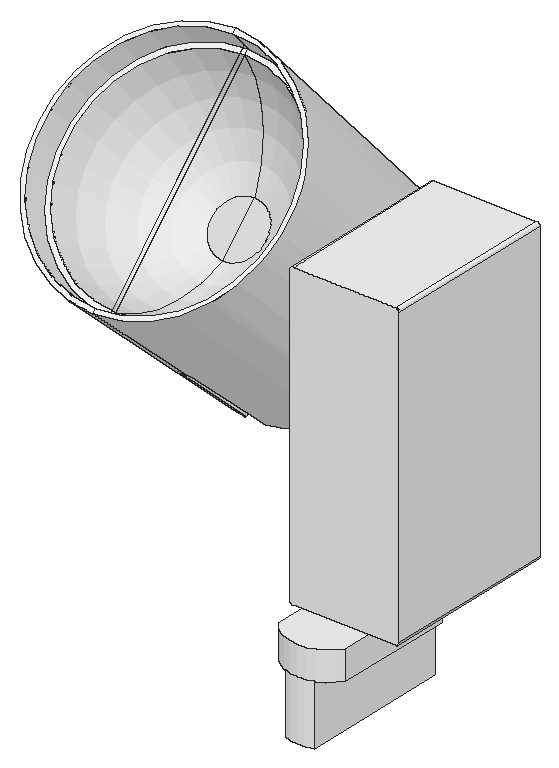
Revit family "0004877 Feilo Sylvania Lighting Fixture START TRACK SPOT L 35W 4K RA90 NB WHITE", category Lighting Fixtures, host Face, Revit 2017 (continued)
Definition of nested family "Start Track Spot Head"
  Types (96, lengths in mm): name | Wattage | built-in parameter 1150134 | Photometric Web File | Model | built-in parameter 1150105 | Lumens | built-in parameter 1150107 | built-in parameter 1150106 | HeadThickness_FEILO | HeadRibOffset_FEILO | HeadRibDepth_FEILO | HeadRibCutWidth_FEILO | HeadRibCutOffset_FEILO | HeadReflectorRadius_FEILO | HeadReflectorOffset_FEILO | HeadLEDRadius_FEILO | HeadHeight_FEILO | HeadDiffusorOffset_FEILO | HeadDiaOut_FEILO | HeadDiaIn_FEILO | HeadAxisFromTop_FEILO | Emit from Circle Diameter | built-in parameter 1150104 | Description | Apparent Load
    0004864 START TRACK SPOT S 24W 3K RA90 WB WHITE | 24 W | (empty or 0) | "0004864.ies" | "START TRACK SPOT S 24W 3K RA90 WB WHITE" | 152.79 (stored number, unit not read) | 1920 lm | 3000 (stored number, unit not read) | 1.5279 (stored number, unit not read) | 1.5 | 4.179 | 55.714 | 7.167 | 50.87 | 50.588 | 55.714 | 9.556 | 117 | 9.435 | 86 | 77.477 | 69.354 | 77.477 | 7.4322 (stored number, unit not read) | "Integrated LED spotlight, Textured White - RAL9016, compact and minimalist design, ideal for retail applications, die-cast aluminium body, passive cooling heatsink. Beam angle: 64°, color temperature: 3000K , total system power: 24W, total fixture output: 1928 lm, LOR: 100%, colour rendering: Ra: 90 typical, LED Chromaticity: 3 step MacAdam ellipse, lifetime: >50000 hours at L70B50, energy class: A++, A+, A, IR/UV free light source without heat radiation, operating voltage: 220-240V / 50-60Hz, drive current: 600mA, electronic driver, non-dimmable, power factor: 0.95, electrical protection: Class II, Global Track 3 Phase adapter suitable for Global trac 3-circuit tracks, ingress protection rating: IP20, suitable for internal environment only, horizontal rotation: 355°, vertical tilt: 90°, dimensions: Ø86x140x200, weight: 0.966kg." | 24 VA
    0004863 START TRACK SPOT S 24W 3K RA90 MB WHITE | 24 W | (empty or 0) | "0004863.ies" | "START TRACK SPOT S 24W 3K RA90 MB WHITE" | 154.7 (stored number, unit not read) | 1944 lm | 3000 (stored number, unit not read) | 1.547 (stored number, unit not read) | 1.5 | 4.179 | 55.714 | 7.167 | 50.87 | 50.588 | 55.714 | 9.556 | 117 | 9.435 | 86 | 77.477 | 69.354 | 77.477 | 7.5251 (stored number, unit not read) | "Integrated LED spotlight, Textured White - RAL9016, compact and minimalist design, ideal for retail applications, die-cast aluminium body, passive cooling heatsink. Beam angle: 36°, color temperature: 3000K , total system power: 24W, total fixture output: 1944 lm, LOR: 100%, colour rendering: Ra: 90 typical, LED Chromaticity: 3 step MacAdam ellipse, lifetime: >50000 hours at L70B50, energy class: A++, A+, A, IR/UV free light source without heat radiation, operating voltage: 220-240V / 50-60Hz, drive current: 600mA, electronic driver, non-dimmable, power factor: 0.95, electrical protection: Class II, Global Track 3 Phase adapter suitable for Global trac 3-circuit tracks, ingress protection rating: IP20, suitable for internal environment only, horizontal rotation: 355°, vertical tilt: 90°, dimensions: Ø86x140x200, weight: 0.966kg." | 24 VA
    0004862 START TRACK SPOT S 24W 3K RA90 NB WHITE | 24 W | (empty or 0) | "0004862.ies" | "START TRACK SPOT S 24W 3K RA90 NB WHITE" | 158.52 (stored number, unit not read) | 1992 lm | 3000 (stored number, unit not read) | 1.5852 (stored number, unit not read) | 1.5 | 4.179 | 55.714 | 7.167 | 50.87 | 50.588 | 55.714 | 9.556 | 117 | 9.435 | 86 | 77.477 | 69.354 | 77.477 | 7.711 (stored number, unit not read) | "Integrated LED spotlight, Textured White - RAL9016, compact and minimalist design, ideal for retail applications, die-cast aluminium body, passive cooling heatsink. Beam angle: 12°, color temperature: 3000K , total system power: 24W, total fixture output: 1987 lm, LOR: 100%, colour rendering: Ra: 90 typical, LED Chromaticity: 3 step MacAdam ellipse, lifetime: >50000 hours at L70B50, energy class: A++, A+, A, IR/UV free light source without heat radiation, operating voltage: 220-240V / 50-60Hz, drive current: 600mA, electronic driver, non-dimmable, power factor: 0.95, electrical protection: Class II, Global Track 3 Phase adapter suitable for Global trac 3-circuit tracks, ingress protection rating: IP20, suitable for internal environment only, horizontal rotation: 355°, vertical tilt: 90°, dimensions: Ø86x140x200, weight: 0.966kg." | 24 VA
    0004861 START TRACK SPOT S 14W 3K RA90 WB WHITE | 14 W | (empty or 0) | "0004861.ies" | "START TRACK SPOT S 14W 3K RA90 WB WHITE" | 100.27 (stored number, unit not read) | 1260 lm | 3000 (stored number, unit not read) | 1.0027 (stored number, unit not read) | 1.5 | 4.179 | 55.714 | 7.167 | 50.87 | 50.588 | 55.714 | 9.556 | 117 | 9.435 | 86 | 77.477 | 69.354 | 77.477 | 8.3613 (stored number, unit not read) | "Integrated LED spotlight, Textured White - RAL9016, compact and minimalist design, ideal for retail applications, die-cast aluminium body, passive cooling heatsink. Beam angle: 64°, color temperature: 3000K , total system power: 14W, total fixture output: 1262 lm, LOR: 100%, colour rendering: Ra: 90 typical, LED Chromaticity: 3 step MacAdam ellipse, lifetime: >50000 hours at L70B50, energy class: A++, A+, A, IR/UV free light source without heat radiation, operating voltage: 220-240V / 50-60Hz, drive current: 350mA, electronic driver, non-dimmable, power factor: 0.92, electrical protection: Class II, Global Track 3 Phase adapter suitable for Global trac 3-circuit tracks, ingress protection rating: IP20, suitable for internal environment only, horizontal rotation: 355°, vertical tilt: 90°, dimensions: Ø86x140x200, weight: 0.940kg." | 14 VA
    0004860 START TRACK SPOT S 14W 3K RA90 MB WHITE | 14 W | (empty or 0) | "0004860.ies" | "START TRACK SPOT S 14W 3K RA90 MB WHITE" | 100.27 (stored number, unit not read) | 1260 lm | 3000 (stored number, unit not read) | 1.0027 (stored number, unit not read) | 1.5 | 4.179 | 55.714 | 7.167 | 50.87 | 50.588 | 55.714 | 9.556 | 117 | 9.435 | 86 | 77.477 | 69.354 | 77.477 | 8.3613 (stored number, unit not read) | "Integrated LED spotlight, Textured White - RAL9016, compact and minimalist design, ideal for retail applications, die-cast aluminium body, passive cooling heatsink. Beam angle: 36°, color temperature: 3000K , total system power: 14W, total fixture output: 1262 lm, LOR: 100%, colour rendering: Ra: 90 typical, LED Chromaticity: 3 step MacAdam ellipse, lifetime: >50000 hours at L70B50, energy class: A++, A+, A, IR/UV free light source without heat radiation, operating voltage: 220-240V / 50-60Hz, drive current: 350mA, electronic driver, non-dimmable, power factor: 0.92, electrical protection: Class II, Global Track 3 Phase adapter suitable for Global trac 3-circuit tracks, ingress protection rating: IP20, suitable for internal environment only, horizontal rotation: 355°, vertical tilt: 90°, dimensions: Ø86x140x200, weight: 0.940kg." | 14 VA
    0004859 START TRACK SPOT S 14W 3K RA90 NB WHITE | 14 W | (empty or 0) | "0004859.ies" | "START TRACK SPOT S 14W 3K RA90 NB WHITE" | 102.5 (stored number, unit not read) | 1288 lm | 3000 (stored number, unit not read) | 1.025 (stored number, unit not read) | 1.5 | 4.179 | 55.714 | 7.167 | 50.87 | 50.588 | 55.714 | 9.556 | 117 | 9.435 | 86 | 77.477 | 69.354 | 77.477 | 8.5471 (stored number, unit not read) | "Integrated LED spotlight, Textured White - RAL9016, compact and minimalist design, ideal for retail applications, die-cast aluminium body, passive cooling heatsink. Beam angle: 12°, color temperature: 3000K , total system power: 14W, total fixture output: 1284 lm, LOR: 100%, colour rendering: Ra: 90 typical, LED Chromaticity: 3 step MacAdam ellipse, lifetime: >50000 hours at L70B50, energy class: A++, A+, A, IR/UV free light source without heat radiation, operating voltage: 220-240V / 50-60Hz, drive current: 350mA, electronic driver, non-dimmable, power factor: 0.92, electrical protection: Class II, Global Track 3 Phase adapter suitable for Global trac 3-circuit tracks, ingress protection rating: IP20, suitable for internal environment only, horizontal rotation: 355°, vertical tilt: 90°, dimensions: Ø86x140x200, weight: 0.940kg." | 14 VA
    0004858 START TRACK SPOT L 55W 4K RA80 WB BLACK | 55 W | 12 | "0004858.ies" | "START TRACK SPOT L 55W 4K RA80 WB BLACK" | 424.55 (stored number, unit not read) | 5335 lm | 4000 (stored number, unit not read) | 4.2455 (stored number, unit not read) | 2 | 4.429 | 59.048 | 9.417 | 53.913 | 66.471 | 59.048 | 12.556 | 124 | 10 | 113 | 101.802 | 73.503 | 101.802 | 9.0116 (stored number, unit not read) | "Integrated LED spotlight, Textured Black - RAL9005, compact and minimalist design, ideal for retail applications, die-cast aluminium body, passive cooling heatsink. Beam angle: 52°, color temperature: 4000K , total system power: 55W, total fixture output: 5320 lm, LOR: 100%, colour rendering: Ra: 80 typical, LED Chromaticity: 3 step MacAdam ellipse, lifetime: >50000 hours at L70B50, energy class: A++, A+, A, IR/UV free light source without heat radiation, operating voltage: 220-240V / 50-60Hz, drive current: 1400mA, electronic driver, non-dimmable, power factor: 0.96, electrical protection: Class II, Global Track 3 Phase adapter suitable for Global trac 3-circuit tracks, ingress protection rating: IP20, suitable for internal environment only, horizontal rotation: 355°, vertical tilt: 90°, dimensions: Ø113x164x240, weight: 1.398kg." | 55 VA
    0004857 START TRACK SPOT L 55W 4K RA80 MB BLACK | 55 W | 12 | "0004857.ies" | "START TRACK SPOT L 55W 4K RA80 MB BLACK" | 428.92 (stored number, unit not read) | 5390 lm | 4000 (stored number, unit not read) | 4.2892 (stored number, unit not read) | 2 | 4.429 | 59.048 | 9.417 | 53.913 | 66.471 | 59.048 | 12.556 | 124 | 10 | 113 | 101.802 | 73.503 | 101.802 | 9.1045 (stored number, unit not read) | "Integrated LED spotlight, Textured Black - RAL9005, compact and minimalist design, ideal for retail applications, die-cast aluminium body, passive cooling heatsink. Beam angle: 38°, color temperature: 4000K , total system power: 55W, total fixture output: 5378 lm, LOR: 100%, colour rendering: Ra: 80 typical, LED Chromaticity: 3 step MacAdam ellipse, lifetime: >50000 hours at L70B50, energy class: A++, A+, A, IR/UV free light source without heat radiation, operating voltage: 220-240V / 50-60Hz, drive current: 1400mA, electronic driver, non-dimmable, power factor: 0.96, electrical protection: Class II, Global Track 3 Phase adapter suitable for Global trac 3-circuit tracks, ingress protection rating: IP20, suitable for internal environment only, horizontal rotation: 355°, vertical tilt: 90°, dimensions: Ø113x164x240, weight: 1.398kg." | 55 VA
    0004856 START TRACK SPOT L 55W 4K RA80 NB BLACK | 55 W | 12 | "0004856.ies" | "START TRACK SPOT L 55W 4K RA80 NB BLACK" | 433.3 (stored number, unit not read) | 5445 lm | 4000 (stored number, unit not read) | 4.333 (stored number, unit not read) | 2 | 4.429 | 59.048 | 9.417 | 53.913 | 66.471 | 59.048 | 12.556 | 124 | 10 | 113 | 101.802 | 73.503 | 101.802 | 9.1974 (stored number, unit not read) | "Integrated LED spotlight, Textured Black - RAL9005, compact and minimalist design, ideal for retail applications, die-cast aluminium body, passive cooling heatsink. Beam angle: 15°, color temperature: 4000K , total system power: 55W, total fixture output: 5426 lm, LOR: 100%, colour rendering: Ra: 80 typical, LED Chromaticity: 3 step MacAdam ellipse, lifetime: >50000 hours at L70B50, energy class: A++, A+, A, IR/UV free light source without heat radiation, operating voltage: 220-240V / 50-60Hz, drive current: 1400mA, electronic driver, non-dimmable, power factor: 0.96, electrical protection: Class II, Global Track 3 Phase adapter suitable for Global trac 3-circuit tracks, ingress protection rating: IP20, suitable for internal environment only, horizontal rotation: 355°, vertical tilt: 90°, dimensions: Ø113x164x240, weight: 1.398kg." | 55 VA
    0004855 START TRACK SPOT L 35W 4K RA80 WB BLACK | 35 W | 12 | "0004855.ies" | "START TRACK SPOT L 35W 4K RA80 WB BLACK" | 320.3 (stored number, unit not read) | 4025 lm | 4000 (stored number, unit not read) | 3.203 (stored number, unit not read) | 2 | 4.429 | 59.048 | 9.417 | 53.913 | 66.471 | 59.048 | 12.556 | 124 | 10 | 113 | 101.802 | 73.503 | 101.802 | 10.684 (stored number, unit not read) | "Integrated LED spotlight, Textured Black - RAL9005, compact and minimalist design, ideal for retail applications, die-cast aluminium body, passive cooling heatsink. Beam angle: 52°, color temperature: 4000K , total system power: 35W, total fixture output: 4010 lm, LOR: 100%, colour rendering: Ra: 80 typical, LED Chromaticity: 3 step MacAdam ellipse, lifetime: >50000 hours at L70B50, energy class: A++, A+, A, IR/UV free light source without heat radiation, operating voltage: 220-240V / 50-60Hz, drive current: 900mA, electronic driver, non-dimmable, power factor: 0.93, electrical protection: Class II, Global Track 3 Phase adapter suitable for Global trac 3-circuit tracks, ingress protection rating: IP20, suitable for internal environment only, horizontal rotation: 355°, vertical tilt: 90°, dimensions: Ø113x164x240, weight: 1.368kg." | 35 VA
    0004854 START TRACK SPOT L 35W 4K RA80 MB BLACK | 35 W | 12 | "0004854.ies" | "START TRACK SPOT L 35W 4K RA80 MB BLACK" | 320.3 (stored number, unit not read) | 4025 lm | 4000 (stored number, unit not read) | 3.203 (stored number, unit not read) | 2 | 4.429 | 59.048 | 9.417 | 53.913 | 66.471 | 59.048 | 12.556 | 124 | 10 | 113 | 101.802 | 73.503 | 101.802 | 10.684 (stored number, unit not read) | "Integrated LED spotlight, Textured Black - RAL9005, compact and minimalist design, ideal for retail applications, die-cast aluminium body, passive cooling heatsink. Beam angle: 38°, color temperature: 4000K , total system power: 35W, total fixture output: 4017 lm, LOR: 100%, colour rendering: Ra: 80 typical, LED Chromaticity: 3 step MacAdam ellipse, lifetime: >50000 hours at L70B50, energy class: A++, A+, A, IR/UV free light source without heat radiation, operating voltage: 220-240V / 50-60Hz, drive current: 900mA, electronic driver, non-dimmable, power factor: 0.93, electrical protection: Class II, Global Track 3 Phase adapter suitable for Global trac 3-circuit tracks, ingress protection rating: IP20, suitable for internal environment only, horizontal rotation: 355°, vertical tilt: 90°, dimensions: Ø113x164x240, weight: 1.368kg." | 35 VA
    0004853 START TRACK SPOT L 35W 4K RA80 NB BLACK | 35 W | 12 | "0004853.ies" | "START TRACK SPOT L 35W 4K RA80 NB BLACK" | 331.44 (stored number, unit not read) | 4165 lm | 4000 (stored number, unit not read) | 3.3144 (stored number, unit not read) | 2 | 4.429 | 59.048 | 9.417 | 53.913 | 66.471 | 59.048 | 12.556 | 124 | 10 | 113 | 101.802 | 73.503 | 101.802 | 11.055 (stored number, unit not read) | "Integrated LED spotlight, Textured Black - RAL9005, compact and minimalist design, ideal for retail applications, die-cast aluminium body, passive cooling heatsink. Beam angle: 15°, color temperature: 4000K , total system power: 35W, total fixture output: 4174 lm, LOR: 100%, colour rendering: Ra: 80 typical, LED Chromaticity: 3 step MacAdam ellipse, lifetime: >50000 hours at L70B50, energy class: A++, A+, A, IR/UV free light source without heat radiation, operating voltage: 220-240V / 50-60Hz, drive current: 900mA, electronic driver, non-dimmable, power factor: 0.93, electrical protection: Class II, Global Track 3 Phase adapter suitable for Global trac 3-circuit tracks, ingress protection rating: IP20, suitable for internal environment only, horizontal rotation: 355°, vertical tilt: 90°, dimensions: Ø113x164x240, weight: 1.368kg." | 35 VA
    0004852 START TRACK SPOT S 24W 4K RA80 WB BLACK | 24 W | 12 | "0004852.ies" | "START TRACK SPOT S 24W 4K RA80 WB BLACK" | 196.72 (stored number, unit not read) | 2472 lm | 4000 (stored number, unit not read) | 1.9672 (stored number, unit not read) | 1.5 | 4.179 | 55.714 | 7.167 | 50.87 | 50.588 | 55.714 | 9.556 | 117 | 9.435 | 86 | 77.477 | 69.354 | 77.477 | 9.569 (stored number, unit not read) | "Integrated LED spotlight, Textured Black - RAL9005, compact and minimalist design, ideal for retail applications, die-cast aluminium body, passive cooling heatsink. Beam angle: 64°, color temperature: 4000K , total system power: 24W, total fixture output: 2476 lm, LOR: 100%, colour rendering: Ra: 80 typical, LED Chromaticity: 3 step MacAdam ellipse, lifetime: >50000 hours at L70B50, energy class: A++, A+, A, IR/UV free light source without heat radiation, operating voltage: 220-240V / 50-60Hz, drive current: 600mA, electronic driver, non-dimmable, power factor: 0.95, electrical protection: Class II, Global Track 3 Phase adapter suitable for Global trac 3-circuit tracks, ingress protection rating: IP20, suitable for internal environment only, horizontal rotation: 355°, vertical tilt: 90°, dimensions: Ø86x140x200, weight: 0.966kg." | 24 VA
    0004851 START TRACK SPOT S 24W 4K RA80 MB BLACK | 24 W | 12 | "0004851.ies" | "START TRACK SPOT S 24W 4K RA80 MB BLACK" | 198.63 (stored number, unit not read) | 2496 lm | 4000 (stored number, unit not read) | 1.9863 (stored number, unit not read) | 1.5 | 4.179 | 55.714 | 7.167 | 50.87 | 50.588 | 55.714 | 9.556 | 117 | 9.435 | 86 | 77.477 | 69.354 | 77.477 | 9.6619 (stored number, unit not read) | "Integrated LED spotlight, Textured Black - RAL9005, compact and minimalist design, ideal for retail applications, die-cast aluminium body, passive cooling heatsink. Beam angle: 36°, color temperature: 4000K , total system power: 24W, total fixture output: 2487 lm, LOR: 100%, colour rendering: Ra: 80 typical, LED Chromaticity: 3 step MacAdam ellipse, lifetime: >50000 hours at L70B50, energy class: A++, A+, A, IR/UV free light source without heat radiation, operating voltage: 220-240V / 50-60Hz, drive current: 600mA, electronic driver, non-dimmable, power factor: 0.95, electrical protection: Class II, Global Track 3 Phase adapter suitable for Global trac 3-circuit tracks, ingress protection rating: IP20, suitable for internal environment only, horizontal rotation: 355°, vertical tilt: 90°, dimensions: Ø86x140x200, weight: 0.966kg." | 24 VA
    0004850 START TRACK SPOT S 24W 4K RA80 NB BLACK | 24 W | 12 | "0004850.ies" | "START TRACK SPOT S 24W 4K RA80 NB BLACK" | 200.54 (stored number, unit not read) | 2520 lm | 4000 (stored number, unit not read) | 2.0054 (stored number, unit not read) | 1.5 | 4.179 | 55.714 | 7.167 | 50.87 | 50.588 | 55.714 | 9.556 | 117 | 9.435 | 86 | 77.477 | 69.354 | 77.477 | 9.7548 (stored number, unit not read) | "Integrated LED spotlight, Textured Black - RAL9005, compact and minimalist design, ideal for retail applications, die-cast aluminium body, passive cooling heatsink. Beam angle: 12°, color temperature: 4000K , total system power: 24W, total fixture output: 2529 lm, LOR: 100%, colour rendering: Ra: 80 typical, LED Chromaticity: 3 step MacAdam ellipse, lifetime: >50000 hours at L70B50, energy class: A++, A+, A, IR/UV free light source without heat radiation, operating voltage: 220-240V / 50-60Hz, drive current: 600mA, electronic driver, non-dimmable, power factor: 0.95, electrical protection: Class II, Global Track 3 Phase adapter suitable for Global trac 3-circuit tracks, ingress protection rating: IP20, suitable for internal environment only, horizontal rotation: 355°, vertical tilt: 90°, dimensions: Ø86x140x200, weight: 0.966kg." | 24 VA
    0004849 START TRACK SPOT S 14W 4K RA80 WB BLACK | 14 W | 12 | "0004849.ies" | "START TRACK SPOT S 14W 4K RA80 WB BLACK" | 123.66 (stored number, unit not read) | 1554 lm | 4000 (stored number, unit not read) | 1.2366 (stored number, unit not read) | 1.5 | 4.179 | 55.714 | 7.167 | 50.87 | 50.588 | 55.714 | 9.556 | 117 | 9.435 | 86 | 77.477 | 69.354 | 77.477 | 10.312 (stored number, unit not read) | "Integrated LED spotlight, Textured Black - RAL9005, compact and minimalist design, ideal for retail applications, die-cast aluminium body, passive cooling heatsink. Beam angle: 64°, color temperature: 4000K , total system power: 14W, total fixture output: 1558 lm, LOR: 100%, colour rendering: Ra: 80 typical, LED Chromaticity: 3 step MacAdam ellipse, lifetime: >50000 hours at L70B50, energy class: A++, A+, A, IR/UV free light source without heat radiation, operating voltage: 220-240V / 50-60Hz, drive current: 350mA, electronic driver, non-dimmable, power factor: 0.92, electrical protection: Class II, Global Track 3 Phase adapter suitable for Global trac 3-circuit tracks, ingress protection rating: IP20, suitable for internal environment only, horizontal rotation: 355°, vertical tilt: 90°, dimensions: Ø86x140x200, weight: 0.940kg." | 14 VA
    0004848 START TRACK SPOT S 14W 4K RA80 MB BLACK | 14 W | 12 | "0004848.ies" | "START TRACK SPOT S 14W 4K RA80 MB BLACK" | 127.01 (stored number, unit not read) | 1596 lm | 4000 (stored number, unit not read) | 1.2701 (stored number, unit not read) | 1.5 | 4.179 | 55.714 | 7.167 | 50.87 | 50.588 | 55.714 | 9.556 | 117 | 9.435 | 86 | 77.477 | 69.354 | 77.477 | 10.591 (stored number, unit not read) | "Integrated LED spotlight, Textured Black - RAL9005, compact and minimalist design, ideal for retail applications, die-cast aluminium body, passive cooling heatsink. Beam angle: 36°, color temperature: 4000K , total system power: 14W, total fixture output: 1598 lm, LOR: 100%, colour rendering: Ra: 80 typical, LED Chromaticity: 3 step MacAdam ellipse, lifetime: >50000 hours at L70B50, energy class: A++, A+, A, IR/UV free light source without heat radiation, operating voltage: 220-240V / 50-60Hz, drive current: 350mA, electronic driver, non-dimmable, power factor: 0.92, electrical protection: Class II, Global Track 3 Phase adapter suitable for Global trac 3-circuit tracks, ingress protection rating: IP20, suitable for internal environment only, horizontal rotation: 355°, vertical tilt: 90°, dimensions: Ø86x140x200, weight: 0.940kg." | 14 VA
    0004847 START TRACK SPOT S 14W 4K RA80 NB BLACK | 14 W | 12 | "0004847.ies" | "START TRACK SPOT S 14W 4K RA80 NB BLACK" | 128.12 (stored number, unit not read) | 1610 lm | 4000 (stored number, unit not read) | 1.2812 (stored number, unit not read) | 1.5 | 4.179 | 55.714 | 7.167 | 50.87 | 50.588 | 55.714 | 9.556 | 117 | 9.435 | 86 | 77.477 | 69.354 | 77.477 | 10.684 (stored number, unit not read) | "Integrated LED spotlight, Textured Black - RAL9005, compact and minimalist design, ideal for retail applications, die-cast aluminium body, passive cooling heatsink. Beam angle: 12°, color temperature: 4000K , total system power: 14W, total fixture output: 1608 lm, LOR: 100%, colour rendering: Ra: 80 typical, LED Chromaticity: 3 step MacAdam ellipse, lifetime: >50000 hours at L70B50, energy class: A++, A+, A, IR/UV free light source without heat radiation, operating voltage: 220-240V / 50-60Hz, drive current: 350mA, electronic driver, non-dimmable, power factor: 0.92, electrical protection: Class II, Global Track 3 Phase adapter suitable for Global trac 3-circuit tracks, ingress protection rating: IP20, suitable for internal environment only, horizontal rotation: 355°, vertical tilt: 90°, dimensions: Ø86x140x200, weight: 0.940kg." | 14 VA
    0004846 START TRACK SPOT L 55W 3K RA80 WB BLACK | 55 W | (empty or 0) | "0004846.ies" | "START TRACK SPOT L 55W 3K RA80 WB BLACK" | 420.17 (stored number, unit not read) | 5280 lm | 3000 (stored number, unit not read) | 4.2017 (stored number, unit not read) | 2 | 4.429 | 59.048 | 9.417 | 53.913 | 66.471 | 59.048 | 12.556 | 124 | 10 | 113 | 101.802 | 73.503 | 101.802 | 8.9187 (stored number, unit not read) | "Integrated LED spotlight, Textured Black - RAL9005, compact and minimalist design, ideal for retail applications, die-cast aluminium body, passive cooling heatsink. Beam angle: 52°, color temperature: 3000K , total system power: 55W, total fixture output: 5298 lm, LOR: 100%, colour rendering: Ra: 80 typical, LED Chromaticity: 3 step MacAdam ellipse, lifetime: >50000 hours at L70B50, energy class: A++, A+, A, IR/UV free light source without heat radiation, operating voltage: 220-240V / 50-60Hz, drive current: 1400mA, electronic driver, non-dimmable, power factor: 0.96, electrical protection: Class II, Global Track 3 Phase adapter suitable for Global trac 3-circuit tracks, ingress protection rating: IP20, suitable for internal environment only, horizontal rotation: 355°, vertical tilt: 90°, dimensions: Ø113x164x240, weight: 1.398kg." | 55 VA
    0004845 START TRACK SPOT L 55W 3K RA80 MB BLACK | 55 W | (empty or 0) | "0004845.ies" | "START TRACK SPOT L 55W 3K RA80 MB BLACK" | 428.92 (stored number, unit not read) | 5390 lm | 3000 (stored number, unit not read) | 4.2892 (stored number, unit not read) | 2 | 4.429 | 59.048 | 9.417 | 53.913 | 66.471 | 59.048 | 12.556 | 124 | 10 | 113 | 101.802 | 73.503 | 101.802 | 9.1045 (stored number, unit not read) | "Integrated LED spotlight, Textured Black - RAL9005, compact and minimalist design, ideal for retail applications, die-cast aluminium body, passive cooling heatsink. Beam angle: 38°, color temperature: 3000K , total system power: 55W, total fixture output: 5381 lm, LOR: 100%, colour rendering: Ra: 80 typical, LED Chromaticity: 3 step MacAdam ellipse, lifetime: >50000 hours at L70B50, energy class: A++, A+, A, IR/UV free light source without heat radiation, operating voltage: 220-240V / 50-60Hz, drive current: 1400mA, electronic driver, non-dimmable, power factor: 0.96, electrical protection: Class II, Global Track 3 Phase adapter suitable for Global trac 3-circuit tracks, ingress protection rating: IP20, suitable for internal environment only, horizontal rotation: 355°, vertical tilt: 90°, dimensions: Ø113x164x240, weight: 1.398kg." | 55 VA
    0004844 START TRACK SPOT L 55W 3K RA80 NB BLACK | 55 W | (empty or 0) | "0004844.ies" | "START TRACK SPOT L 55W 3K RA80 NB BLACK" | 433.3 (stored number, unit not read) | 5445 lm | 3000 (stored number, unit not read) | 4.333 (stored number, unit not read) | 2 | 4.429 | 59.048 | 9.417 | 53.913 | 66.471 | 59.048 | 12.556 | 124 | 10 | 113 | 101.802 | 73.503 | 101.802 | 9.1974 (stored number, unit not read) | "Integrated LED spotlight, Textured Black - RAL9005, compact and minimalist design, ideal for retail applications, die-cast aluminium body, passive cooling heatsink. Beam angle: 15°, color temperature: 3000K , total system power: 55W, total fixture output: 5449 lm, LOR: 100%, colour rendering: Ra: 80 typical, LED Chromaticity: 3 step MacAdam ellipse, lifetime: >50000 hours at L70B50, energy class: A++, A+, A, IR/UV free light source without heat radiation, operating voltage: 220-240V / 50-60Hz, drive current: 1400mA, electronic driver, non-dimmable, power factor: 0.96, electrical protection: Class II, Global Track 3 Phase adapter suitable for Global trac 3-circuit tracks, ingress protection rating: IP20, suitable for internal environment only, horizontal rotation: 355°, vertical tilt: 90°, dimensions: Ø113x164x240, weight: 1.398kg." | 55 VA
    0004843 START TRACK SPOT L 35W 3K RA80 WB BLACK | 35 W | (empty or 0) | "0004843.ies" | "START TRACK SPOT L 35W 3K RA80 WB BLACK" | 314.73 (stored number, unit not read) | 3955 lm | 3000 (stored number, unit not read) | 3.1473 (stored number, unit not read) | 2 | 4.429 | 59.048 | 9.417 | 53.913 | 66.471 | 59.048 | 12.556 | 124 | 10 | 113 | 101.802 | 73.503 | 101.802 | 10.498 (stored number, unit not read) | "Integrated LED spotlight, Textured Black - RAL9005, compact and minimalist design, ideal for retail applications, die-cast aluminium body, passive cooling heatsink. Beam angle: 52°, color temperature: 3000K , total system power: 35W, total fixture output: 3943 lm, LOR: 100%, colour rendering: Ra: 80 typical, LED Chromaticity: 3 step MacAdam ellipse, lifetime: >50000 hours at L70B50, energy class: A++, A+, A, IR/UV free light source without heat radiation, operating voltage: 220-240V / 50-60Hz, drive current: 900mA, electronic driver, non-dimmable, power factor: 0.93, electrical protection: Class II, Global Track 3 Phase adapter suitable for Global trac 3-circuit tracks, ingress protection rating: IP20, suitable for internal environment only, horizontal rotation: 355°, vertical tilt: 90°, dimensions: Ø113x164x240, weight: 1.368kg." | 35 VA
    0004842 START TRACK SPOT L 35W 3K RA80 MB BLACK | 35 W | (empty or 0) | "0004842.ies" | "START TRACK SPOT L 35W 3K RA80 MB BLACK" | 320.3 (stored number, unit not read) | 4025 lm | 3000 (stored number, unit not read) | 3.203 (stored number, unit not read) | 2 | 4.429 | 59.048 | 9.417 | 53.913 | 66.471 | 59.048 | 12.556 | 124 | 10 | 113 | 101.802 | 73.503 | 101.802 | 10.684 (stored number, unit not read) | "Integrated LED spotlight, Textured Black - RAL9005, compact and minimalist design, ideal for retail applications, die-cast aluminium body, passive cooling heatsink. Beam angle: 38°, color temperature: 3000K , total system power: 35W, total fixture output: 4008 lm, LOR: 100%, colour rendering: Ra: 80 typical, LED Chromaticity: 3 step MacAdam ellipse, lifetime: >50000 hours at L70B50, energy class: A++, A+, A, IR/UV free light source without heat radiation, operating voltage: 220-240V / 50-60Hz, drive current: 900mA, electronic driver, non-dimmable, power factor: 0.93, electrical protection: Class II, Global Track 3 Phase adapter suitable for Global trac 3-circuit tracks, ingress protection rating: IP20, suitable for internal environment only, horizontal rotation: 355°, vertical tilt: 90°, dimensions: Ø113x164x240, weight: 1.368kg." | 35 VA
    0004841 START TRACK SPOT L 35W 3K RA80 NB BLACK | 35 W | (empty or 0) | "0004841.ies" | "START TRACK SPOT L 35W 3K RA80 NB BLACK" | 317.51 (stored number, unit not read) | 3990 lm | 3000 (stored number, unit not read) | 3.1751 (stored number, unit not read) | 2 | 4.429 | 59.048 | 9.417 | 53.913 | 66.471 | 59.048 | 12.556 | 124 | 10 | 113 | 101.802 | 73.503 | 101.802 | 10.591 (stored number, unit not read) | "Integrated LED spotlight, Textured Black - RAL9005, compact and minimalist design, ideal for retail applications, die-cast aluminium body, passive cooling heatsink. Beam angle: 15°, color temperature: 3000K , total system power: 35W, total fixture output: 4005 lm, LOR: 100%, colour rendering: Ra: 80 typical, LED Chromaticity: 3 step MacAdam ellipse, lifetime: >50000 hours at L70B50, energy class: A++, A+, A, IR/UV free light source without heat radiation, operating voltage: 220-240V / 50-60Hz, drive current: 900mA, electronic driver, non-dimmable, power factor: 0.93, electrical protection: Class II, Global Track 3 Phase adapter suitable for Global trac 3-circuit tracks, ingress protection rating: IP20, suitable for internal environment only, horizontal rotation: 355°, vertical tilt: 90°, dimensions: Ø113x164x240, weight: 1.368kg." | 35 VA
    0004840 START TRACK SPOT S 24W 3K RA80 WB BLACK | 24 W | (empty or 0) | "0004840.ies" | "START TRACK SPOT S 24W 3K RA80 WB BLACK" | 185.26 (stored number, unit not read) | 2328 lm | 3000 (stored number, unit not read) | 1.8526 (stored number, unit not read) | 1.5 | 4.179 | 55.714 | 7.167 | 50.87 | 50.588 | 55.714 | 9.556 | 117 | 9.435 | 86 | 77.477 | 69.354 | 77.477 | 9.0116 (stored number, unit not read) | "Integrated LED spotlight, Textured Black - RAL9005, compact and minimalist design, ideal for retail applications, die-cast aluminium body, passive cooling heatsink. Beam angle: 64°, color temperature: 3000K , total system power: 24W, total fixture output: 2318 lm, LOR: 100%, colour rendering: Ra: 80 typical, LED Chromaticity: 3 step MacAdam ellipse, lifetime: >50000 hours at L70B50, energy class: A++, A+, A, IR/UV free light source without heat radiation, operating voltage: 220-240V / 50-60Hz, drive current: 600mA, electronic driver, non-dimmable, power factor: 0.95, electrical protection: Class II, Global Track 3 Phase adapter suitable for Global trac 3-circuit tracks, ingress protection rating: IP20, suitable for internal environment only, horizontal rotation: 355°, vertical tilt: 90°, dimensions: Ø86x140x200, weight: 0.966kg." | 24 VA
    0004839 START TRACK SPOT S 24W 3K RA80 MB BLACK | 24 W | (empty or 0) | "0004839.ies" | "START TRACK SPOT S 24W 3K RA80 MB BLACK" | 183.35 (stored number, unit not read) | 2304 lm | 3000 (stored number, unit not read) | 1.8335 (stored number, unit not read) | 1.5 | 4.179 | 55.714 | 7.167 | 50.87 | 50.588 | 55.714 | 9.556 | 117 | 9.435 | 86 | 77.477 | 69.354 | 77.477 | 8.9187 (stored number, unit not read) | "Integrated LED spotlight, Textured Black - RAL9005, compact and minimalist design, ideal for retail applications, die-cast aluminium body, passive cooling heatsink. Beam angle: 36°, color temperature: 3000K , total system power: 24W, total fixture output: 2314 lm, LOR: 100%, colour rendering: Ra: 80 typical, LED Chromaticity: 3 step MacAdam ellipse, lifetime: >50000 hours at L70B50, energy class: A++, A+, A, IR/UV free light source without heat radiation, operating voltage: 220-240V / 50-60Hz, drive current: 600mA, electronic driver, non-dimmable, power factor: 0.95, electrical protection: Class II, Global Track 3 Phase adapter suitable for Global trac 3-circuit tracks, ingress protection rating: IP20, suitable for internal environment only, horizontal rotation: 355°, vertical tilt: 90°, dimensions: Ø86x140x200, weight: 0.966kg." | 24 VA
    0004838 START TRACK SPOT S 24W 3K RA80 NB BLACK | 24 W | (empty or 0) | "0004838.ies" | "START TRACK SPOT S 24W 3K RA80 NB BLACK" | 185.26 (stored number, unit not read) | 2328 lm | 3000 (stored number, unit not read) | 1.8526 (stored number, unit not read) | 1.5 | 4.179 | 55.714 | 7.167 | 50.87 | 50.588 | 55.714 | 9.556 | 117 | 9.435 | 86 | 77.477 | 69.354 | 77.477 | 9.0116 (stored number, unit not read) | "Integrated LED spotlight, Textured Black - RAL9005, compact and minimalist design, ideal for retail applications, die-cast aluminium body, passive cooling heatsink. Beam angle: 12°, color temperature: 3000K , total system power: 24W, total fixture output: 2334 lm, LOR: 100%, colour rendering: Ra: 80 typical, LED Chromaticity: 3 step MacAdam ellipse, lifetime: >50000 hours at L70B50, energy class: A++, A+, A, IR/UV free light source without heat radiation, operating voltage: 220-240V / 50-60Hz, drive current: 600mA, electronic driver, non-dimmable, power factor: 0.95, electrical protection: Class II, Global Track 3 Phase adapter suitable for Global trac 3-circuit tracks, ingress protection rating: IP20, suitable for internal environment only, horizontal rotation: 355°, vertical tilt: 90°, dimensions: Ø86x140x200, weight: 0.966kg." | 24 VA
    0004837 START TRACK SPOT S 14W 3K RA80 WB BLACK | 14 W | (empty or 0) | "0004837.ies" | "START TRACK SPOT S 14W 3K RA80 WB BLACK" | 119.21 (stored number, unit not read) | 1498 lm | 3000 (stored number, unit not read) | 1.1921 (stored number, unit not read) | 1.5 | 4.179 | 55.714 | 7.167 | 50.87 | 50.588 | 55.714 | 9.556 | 117 | 9.435 | 86 | 77.477 | 69.354 | 77.477 | 9.9406 (stored number, unit not read) | "Integrated LED spotlight, Textured Black - RAL9005, compact and minimalist design, ideal for retail applications, die-cast aluminium body, passive cooling heatsink. Beam angle: 64°, color temperature: 3000K , total system power: 14W, total fixture output: 1498 lm, LOR: 100%, colour rendering: Ra: 80 typical, LED Chromaticity: 3 step MacAdam ellipse, lifetime: >50000 hours at L70B50, energy class: A++, A+, A, IR/UV free light source without heat radiation, operating voltage: 220-240V / 50-60Hz, drive current: 350mA, electronic driver, non-dimmable, power factor: 0.92, electrical protection: Class II, Global Track 3 Phase adapter suitable for Global trac 3-circuit tracks, ingress protection rating: IP20, suitable for internal environment only, horizontal rotation: 355°, vertical tilt: 90°, dimensions: Ø86x140x200, weight: 0.940kg." | 14 VA
    0004836 START TRACK SPOT S 14W 3K RA80 MB BLACK | 14 W | (empty or 0) | "0004836.ies" | "START TRACK SPOT S 14W 3K RA80 MB BLACK" | 120.32 (stored number, unit not read) | 1512 lm | 3000 (stored number, unit not read) | 1.2032 (stored number, unit not read) | 1.5 | 4.179 | 55.714 | 7.167 | 50.87 | 50.588 | 55.714 | 9.556 | 117 | 9.435 | 86 | 77.477 | 69.354 | 77.477 | 10.034 (stored number, unit not read) | "Integrated LED spotlight, Textured Black - RAL9005, compact and minimalist design, ideal for retail applications, die-cast aluminium body, passive cooling heatsink. Beam angle: 36°, color temperature: 3000K , total system power: 14W, total fixture output: 1508 lm, LOR: 100%, colour rendering: Ra: 80 typical, LED Chromaticity: 3 step MacAdam ellipse, lifetime: >50000 hours at L70B50, energy class: A++, A+, A, IR/UV free light source without heat radiation, operating voltage: 220-240V / 50-60Hz, drive current: 350mA, electronic driver, non-dimmable, power factor: 0.92, electrical protection: Class II, Global Track 3 Phase adapter suitable for Global trac 3-circuit tracks, ingress protection rating: IP20, suitable for internal environment only, horizontal rotation: 355°, vertical tilt: 90°, dimensions: Ø86x140x200, weight: 0.940kg." | 14 VA
    0004835 START TRACK SPOT S 14W 3K RA80 NB BLACK | 14 W | (empty or 0) | "0004835.ies" | "START TRACK SPOT S 14W 3K RA80 NB BLACK" | 123.66 (stored number, unit not read) | 1554 lm | 3000 (stored number, unit not read) | 1.2366 (stored number, unit not read) | 1.5 | 4.179 | 55.714 | 7.167 | 50.87 | 50.588 | 55.714 | 9.556 | 117 | 9.435 | 86 | 77.477 | 69.354 | 77.477 | 10.312 (stored number, unit not read) | "Integrated LED spotlight, Textured Black - RAL9005, compact and minimalist design, ideal for retail applications, die-cast aluminium body, passive cooling heatsink. Beam angle: 12°, color temperature: 3000K , total system power: 14W, total fixture output: 1551 lm, LOR: 100%, colour rendering: Ra: 80 typical, LED Chromaticity: 3 step MacAdam ellipse, lifetime: >50000 hours at L70B50, energy class: A++, A+, A, IR/UV free light source without heat radiation, operating voltage: 220-240V / 50-60Hz, drive current: 350mA, electronic driver, non-dimmable, power factor: 0.92, electrical protection: Class II, Global Track 3 Phase adapter suitable for Global trac 3-circuit tracks, ingress protection rating: IP20, suitable for internal environment only, horizontal rotation: 355°, vertical tilt: 90°, dimensions: Ø86x140x200, weight: 0.940kg." | 14 VA
    0004834 START TRACK SPOT L 55W 4K RA80 WB WHITE | 55 W | 12 | "0004834.ies" | "START TRACK SPOT L 55W 4K RA80 WB WHITE" | 424.55 (stored number, unit not read) | 5335 lm | 4000 (stored number, unit not read) | 4.2455 (stored number, unit not read) | 2 | 4.429 | 59.048 | 9.417 | 53.913 | 66.471 | 59.048 | 12.556 | 124 | 10 | 113 | 101.802 | 73.503 | 101.802 | 9.0116 (stored number, unit not read) | "Integrated LED spotlight, Textured White - RAL9016, compact and minimalist design, ideal for retail applications, die-cast aluminium body, passive cooling heatsink. Beam angle: 52°, color temperature: 4000K , total system power: 55W, total fixture output: 5320 lm, LOR: 100%, colour rendering: Ra: 80 typical, LED Chromaticity: 3 step MacAdam ellipse, lifetime: >50000 hours at L70B50, energy class: A++, A+, A, IR/UV free light source without heat radiation, operating voltage: 220-240V / 50-60Hz, drive current: 1400mA, electronic driver, non-dimmable, power factor: 0.96, electrical protection: Class II, Global Track 3 Phase adapter suitable for Global trac 3-circuit tracks, ingress protection rating: IP20, suitable for internal environment only, horizontal rotation: 355°, vertical tilt: 90°, dimensions: Ø113x164x240, weight: 1.398kg." | 55 VA
    0004833 START TRACK SPOT L 55W 4K RA80 MB WHITE | 55 W | 12 | "0004833.ies" | "START TRACK SPOT L 55W 4K RA80 MB WHITE" | 428.92 (stored number, unit not read) | 5390 lm | 4000 (stored number, unit not read) | 4.2892 (stored number, unit not read) | 2 | 4.429 | 59.048 | 9.417 | 53.913 | 66.471 | 59.048 | 12.556 | 124 | 10 | 113 | 101.802 | 73.503 | 101.802 | 9.1045 (stored number, unit not read) | "Integrated LED spotlight, Textured White - RAL9016, compact and minimalist design, ideal for retail applications, die-cast aluminium body, passive cooling heatsink. Beam angle: 38°, color temperature: 4000K , total system power: 55W, total fixture output: 5378 lm, LOR: 100%, colour rendering: Ra: 80 typical, LED Chromaticity: 3 step MacAdam ellipse, lifetime: >50000 hours at L70B50, energy class: A++, A+, A, IR/UV free light source without heat radiation, operating voltage: 220-240V / 50-60Hz, drive current: 1400mA, electronic driver, non-dimmable, power factor: 0.96, electrical protection: Class II, Global Track 3 Phase adapter suitable for Global trac 3-circuit tracks, ingress protection rating: IP20, suitable for internal environment only, horizontal rotation: 355°, vertical tilt: 90°, dimensions: Ø113x164x240, weight: 1.398kg." | 55 VA
    0004832 START TRACK SPOT L 55W 4K RA80 NB WHITE | 55 W | 12 | "0004832.ies" | "START TRACK SPOT L 55W 4K RA80 NB WHITE" | 433.3 (stored number, unit not read) | 5445 lm | 4000 (stored number, unit not read) | 4.333 (stored number, unit not read) | 2 | 4.429 | 59.048 | 9.417 | 53.913 | 66.471 | 59.048 | 12.556 | 124 | 10 | 113 | 101.802 | 73.503 | 101.802 | 9.1974 (stored number, unit not read) | "Integrated LED spotlight, Textured White - RAL9016, compact and minimalist design, ideal for retail applications, die-cast aluminium body, passive cooling heatsink. Beam angle: 15°, color temperature: 4000K , total system power: 55W, total fixture output: 5426 lm, LOR: 100%, colour rendering: Ra: 80 typical, LED Chromaticity: 3 step MacAdam ellipse, lifetime: >50000 hours at L70B50, energy class: A++, A+, A, IR/UV free light source without heat radiation, operating voltage: 220-240V / 50-60Hz, drive current: 1400mA, electronic driver, non-dimmable, power factor: 0.96, electrical protection: Class II, Global Track 3 Phase adapter suitable for Global trac 3-circuit tracks, ingress protection rating: IP20, suitable for internal environment only, horizontal rotation: 355°, vertical tilt: 90°, dimensions: Ø113x164x240, weight: 1.398kg." | 55 VA
    0004831 START TRACK SPOT L 35W 4K RA80 WB WHITE | 35 W | 12 | "0004831.ies" | "START TRACK SPOT L 35W 4K RA80 WB WHITE" | 320.3 (stored number, unit not read) | 4025 lm | 4000 (stored number, unit not read) | 3.203 (stored number, unit not read) | 2 | 4.429 | 59.048 | 9.417 | 53.913 | 66.471 | 59.048 | 12.556 | 124 | 10 | 113 | 101.802 | 73.503 | 101.802 | 10.684 (stored number, unit not read) | "Integrated LED spotlight, Textured White - RAL9016, compact and minimalist design, ideal for retail applications, die-cast aluminium body, passive cooling heatsink. Beam angle: 52°, color temperature: 4000K , total system power: 35W, total fixture output: 4010 lm, LOR: 100%, colour rendering: Ra: 80 typical, LED Chromaticity: 3 step MacAdam ellipse, lifetime: >50000 hours at L70B50, energy class: A++, A+, A, IR/UV free light source without heat radiation, operating voltage: 220-240V / 50-60Hz, drive current: 900mA, electronic driver, non-dimmable, power factor: 0.93, electrical protection: Class II, Global Track 3 Phase adapter suitable for Global trac 3-circuit tracks, ingress protection rating: IP20, suitable for internal environment only, horizontal rotation: 355°, vertical tilt: 90°, dimensions: Ø113x164x240, weight: 1.368kg." | 35 VA
    0004830 START TRACK SPOT L 35W 4K RA80 MB WHITE | 35 W | 12 | "0004830.ies" | "START TRACK SPOT L 35W 4K RA80 MB WHITE" | 320.3 (stored number, unit not read) | 4025 lm | 4000 (stored number, unit not read) | 3.203 (stored number, unit not read) | 2 | 4.429 | 59.048 | 9.417 | 53.913 | 66.471 | 59.048 | 12.556 | 124 | 10 | 113 | 101.802 | 73.503 | 101.802 | 10.684 (stored number, unit not read) | "Integrated LED spotlight, Textured White - RAL9016, compact and minimalist design, ideal for retail applications, die-cast aluminium body, passive cooling heatsink. Beam angle: 38°, color temperature: 4000K , total system power: 35W, total fixture output: 4017 lm, LOR: 100%, colour rendering: Ra: 80 typical, LED Chromaticity: 3 step MacAdam ellipse, lifetime: >50000 hours at L70B50, energy class: A++, A+, A, IR/UV free light source without heat radiation, operating voltage: 220-240V / 50-60Hz, drive current: 900mA, electronic driver, non-dimmable, power factor: 0.93, electrical protection: Class II, Global Track 3 Phase adapter suitable for Global trac 3-circuit tracks, ingress protection rating: IP20, suitable for internal environment only, horizontal rotation: 355°, vertical tilt: 90°, dimensions: Ø113x164x240, weight: 1.368kg." | 35 VA
    0004829 START TRACK SPOT L 35W 4K RA80 NB WHITE | 35 W | 12 | "0004829.ies" | "START TRACK SPOT L 35W 4K RA80 NB WHITE" | 331.44 (stored number, unit not read) | 4165 lm | 4000 (stored number, unit not read) | 3.3144 (stored number, unit not read) | 2 | 4.429 | 59.048 | 9.417 | 53.913 | 66.471 | 59.048 | 12.556 | 124 | 10 | 113 | 101.802 | 73.503 | 101.802 | 11.055 (stored number, unit not read) | "Integrated LED spotlight, Textured White - RAL9016, compact and minimalist design, ideal for retail applications, die-cast aluminium body, passive cooling heatsink. Beam angle: 15°, color temperature: 4000K , total system power: 35W, total fixture output: 4174 lm, LOR: 100%, colour rendering: Ra: 80 typical, LED Chromaticity: 3 step MacAdam ellipse, lifetime: >50000 hours at L70B50, energy class: A++, A+, A, IR/UV free light source without heat radiation, operating voltage: 220-240V / 50-60Hz, drive current: 900mA, electronic driver, non-dimmable, power factor: 0.93, electrical protection: Class II, Global Track 3 Phase adapter suitable for Global trac 3-circuit tracks, ingress protection rating: IP20, suitable for internal environment only, horizontal rotation: 355°, vertical tilt: 90°, dimensions: Ø113x164x240, weight: 1.368kg." | 35 VA
    0004828 START TRACK SPOT S 24W 4K RA80 WB WHITE | 24 W | 12 | "0004828.ies" | "START TRACK SPOT S 24W 4K RA80 WB WHITE" | 196.72 (stored number, unit not read) | 2472 lm | 4000 (stored number, unit not read) | 1.9672 (stored number, unit not read) | 1.5 | 4.179 | 55.714 | 7.167 | 50.87 | 50.588 | 55.714 | 9.556 | 117 | 9.435 | 86 | 77.477 | 69.354 | 77.477 | 9.569 (stored number, unit not read) | "Integrated LED spotlight, Textured White - RAL9016, compact and minimalist design, ideal for retail applications, die-cast aluminium body, passive cooling heatsink. Beam angle: 64°, color temperature: 4000K , total system power: 24W, total fixture output: 2476 lm, LOR: 100%, colour rendering: Ra: 80 typical, LED Chromaticity: 3 step MacAdam ellipse, lifetime: >50000 hours at L70B50, energy class: A++, A+, A, IR/UV free light source without heat radiation, operating voltage: 220-240V / 50-60Hz, drive current: 600mA, electronic driver, non-dimmable, power factor: 0.95, electrical protection: Class II, Global Track 3 Phase adapter suitable for Global trac 3-circuit tracks, ingress protection rating: IP20, suitable for internal environment only, horizontal rotation: 355°, vertical tilt: 90°, dimensions: Ø86x140x200, weight: 0.966kg." | 24 VA
    0004827 START TRACK SPOT S 24W 4K RA80 MB WHITE | 24 W | 12 | "0004827.ies" | "START TRACK SPOT S 24W 4K RA80 MB WHITE" | 198.63 (stored number, unit not read) | 2496 lm | 4000 (stored number, unit not read) | 1.9863 (stored number, unit not read) | 1.5 | 4.179 | 55.714 | 7.167 | 50.87 | 50.588 | 55.714 | 9.556 | 117 | 9.435 | 86 | 77.477 | 69.354 | 77.477 | 9.6619 (stored number, unit not read) | "Integrated LED spotlight, Textured White - RAL9016, compact and minimalist design, ideal for retail applications, die-cast aluminium body, passive cooling heatsink. Beam angle: 36°, color temperature: 4000K , total system power: 24W, total fixture output: 2487 lm, LOR: 100%, colour rendering: Ra: 80 typical, LED Chromaticity: 3 step MacAdam ellipse, lifetime: >50000 hours at L70B50, energy class: A++, A+, A, IR/UV free light source without heat radiation, operating voltage: 220-240V / 50-60Hz, drive current: 600mA, electronic driver, non-dimmable, power factor: 0.95, electrical protection: Class II, Global Track 3 Phase adapter suitable for Global trac 3-circuit tracks, ingress protection rating: IP20, suitable for internal environment only, horizontal rotation: 355°, vertical tilt: 90°, dimensions: Ø86x140x200, weight: 0.966kg." | 24 VA
    0004826 START TRACK SPOT S 24W 4K RA80 NB WHITE | 24 W | 12 | "0004826.ies" | "START TRACK SPOT S 24W 4K RA80 NB WHITE" | 200.54 (stored number, unit not read) | 2520 lm | 4000 (stored number, unit not read) | 2.0054 (stored number, unit not read) | 1.5 | 4.179 | 55.714 | 7.167 | 50.87 | 50.588 | 55.714 | 9.556 | 117 | 9.435 | 86 | 77.477 | 69.354 | 77.477 | 9.7548 (stored number, unit not read) | "Integrated LED spotlight, Textured White - RAL9016, compact and minimalist design, ideal for retail applications, die-cast aluminium body, passive cooling heatsink. Beam angle: 12°, color temperature: 4000K , total system power: 24W, total fixture output: 2529 lm, LOR: 100%, colour rendering: Ra: 80 typical, LED Chromaticity: 3 step MacAdam ellipse, lifetime: >50000 hours at L70B50, energy class: A++, A+, A, IR/UV free light source without heat radiation, operating voltage: 220-240V / 50-60Hz, drive current: 600mA, electronic driver, non-dimmable, power factor: 0.95, electrical protection: Class II, Global Track 3 Phase adapter suitable for Global trac 3-circuit tracks, ingress protection rating: IP20, suitable for internal environment only, horizontal rotation: 355°, vertical tilt: 90°, dimensions: Ø86x140x200, weight: 0.966kg." | 24 VA
    0004825 START TRACK SPOT S 14W 4K RA80 WB WHITE | 14 W | 12 | "0004825.ies" | "START TRACK SPOT S 14W 4K RA80 WB WHITE" | 123.66 (stored number, unit not read) | 1554 lm | 4000 (stored number, unit not read) | 1.2366 (stored number, unit not read) | 1.5 | 4.179 | 55.714 | 7.167 | 50.87 | 50.588 | 55.714 | 9.556 | 117 | 9.435 | 86 | 77.477 | 69.354 | 77.477 | 10.312 (stored number, unit not read) | "Integrated LED spotlight, Textured White - RAL9016, compact and minimalist design, ideal for retail applications, die-cast aluminium body, passive cooling heatsink. Beam angle: 64°, color temperature: 4000K , total system power: 14W, total fixture output: 1558 lm, LOR: 100%, colour rendering: Ra: 80 typical, LED Chromaticity: 3 step MacAdam ellipse, lifetime: >50000 hours at L70B50, energy class: A++, A+, A, IR/UV free light source without heat radiation, operating voltage: 220-240V / 50-60Hz, drive current: 350mA, electronic driver, non-dimmable, power factor: 0.92, electrical protection: Class II, Global Track 3 Phase adapter suitable for Global trac 3-circuit tracks, ingress protection rating: IP20, suitable for internal environment only, horizontal rotation: 355°, vertical tilt: 90°, dimensions: Ø86x140x200, weight: 0.940kg." | 14 VA
    0004824 START TRACK SPOT S 14W 4K RA80 MB WHITE | 14 W | 12 | "0004824.ies" | "START TRACK SPOT S 14W 4K RA80 MB WHITE" | 127.01 (stored number, unit not read) | 1596 lm | 4000 (stored number, unit not read) | 1.2701 (stored number, unit not read) | 1.5 | 4.179 | 55.714 | 7.167 | 50.87 | 50.588 | 55.714 | 9.556 | 117 | 9.435 | 86 | 77.477 | 69.354 | 77.477 | 10.591 (stored number, unit not read) | "Integrated LED spotlight, Textured White - RAL9016, compact and minimalist design, ideal for retail applications, die-cast aluminium body, passive cooling heatsink. Beam angle: 36°, color temperature: 4000K , total system power: 14W, total fixture output: 1598 lm, LOR: 100%, colour rendering: Ra: 80 typical, LED Chromaticity: 3 step MacAdam ellipse, lifetime: >50000 hours at L70B50, energy class: A++, A+, A, IR/UV free light source without heat radiation, operating voltage: 220-240V / 50-60Hz, drive current: 350mA, electronic driver, non-dimmable, power factor: 0.92, electrical protection: Class II, Global Track 3 Phase adapter suitable for Global trac 3-circuit tracks, ingress protection rating: IP20, suitable for internal environment only, horizontal rotation: 355°, vertical tilt: 90°, dimensions: Ø86x140x200, weight: 0.940kg." | 14 VA
    0004823 START TRACK SPOT S 14W 4K RA80 NB WHITE | 14 W | 12 | "0004823.ies" | "START TRACK SPOT S 14W 4K RA80 NB WHITE" | 128.12 (stored number, unit not read) | 1610 lm | 4000 (stored number, unit not read) | 1.2812 (stored number, unit not read) | 1.5 | 4.179 | 55.714 | 7.167 | 50.87 | 50.588 | 55.714 | 9.556 | 117 | 9.435 | 86 | 77.477 | 69.354 | 77.477 | 10.684 (stored number, unit not read) | "Integrated LED spotlight, Textured White - RAL9016, compact and minimalist design, ideal for retail applications, die-cast aluminium body, passive cooling heatsink. Beam angle: 12°, color temperature: 4000K , total system power: 14W, total fixture output: 1608 lm, LOR: 100%, colour rendering: Ra: 80 typical, LED Chromaticity: 3 step MacAdam ellipse, lifetime: >50000 hours at L70B50, energy class: A++, A+, A, IR/UV free light source without heat radiation, operating voltage: 220-240V / 50-60Hz, drive current: 350mA, electronic driver, non-dimmable, power factor: 0.92, electrical protection: Class II, Global Track 3 Phase adapter suitable for Global trac 3-circuit tracks, ingress protection rating: IP20, suitable for internal environment only, horizontal rotation: 355°, vertical tilt: 90°, dimensions: Ø86x140x200, weight: 0.940kg." | 14 VA
    0004822 START TRACK SPOT L 55W 3K RA80 WB WHITE | 55 W | (empty or 0) | "0004822.ies" | "START TRACK SPOT L 55W 3K RA80 WB WHITE" | 420.17 (stored number, unit not read) | 5280 lm | 3000 (stored number, unit not read) | 4.2017 (stored number, unit not read) | 2 | 4.429 | 59.048 | 9.417 | 53.913 | 66.471 | 59.048 | 12.556 | 124 | 10 | 113 | 101.802 | 73.503 | 101.802 | 8.9187 (stored number, unit not read) | "Integrated LED spotlight, Textured White - RAL9016, compact and minimalist design, ideal for retail applications, die-cast aluminium body, passive cooling heatsink. Beam angle: 52°, color temperature: 3000K , total system power: 55W, total fixture output: 5298 lm, LOR: 100%, colour rendering: Ra: 80 typical, LED Chromaticity: 3 step MacAdam ellipse, lifetime: >50000 hours at L70B50, energy class: A++, A+, A, IR/UV free light source without heat radiation, operating voltage: 220-240V / 50-60Hz, drive current: 1400mA, electronic driver, non-dimmable, power factor: 0.96, electrical protection: Class II, Global Track 3 Phase adapter suitable for Global trac 3-circuit tracks, ingress protection rating: IP20, suitable for internal environment only, horizontal rotation: 355°, vertical tilt: 90°, dimensions: Ø113x164x240, weight: 1.398kg." | 55 VA
    0004821 START TRACK SPOT L 55W 3K RA80 MB WHITE | 55 W | (empty or 0) | "0004821.ies" | "START TRACK SPOT L 55W 3K RA80 MB WHITE" | 428.92 (stored number, unit not read) | 5390 lm | 3000 (stored number, unit not read) | 4.2892 (stored number, unit not read) | 2 | 4.429 | 59.048 | 9.417 | 53.913 | 66.471 | 59.048 | 12.556 | 124 | 10 | 113 | 101.802 | 73.503 | 101.802 | 9.1045 (stored number, unit not read) | "Integrated LED spotlight, Textured White - RAL9016, compact and minimalist design, ideal for retail applications, die-cast aluminium body, passive cooling heatsink. Beam angle: 38°, color temperature: 3000K , total system power: 55W, total fixture output: 5381 lm, LOR: 100%, colour rendering: Ra: 80 typical, LED Chromaticity: 3 step MacAdam ellipse, lifetime: >50000 hours at L70B50, energy class: A++, A+, A, IR/UV free light source without heat radiation, operating voltage: 220-240V / 50-60Hz, drive current: 1400mA, electronic driver, non-dimmable, power factor: 0.96, electrical protection: Class II, Global Track 3 Phase adapter suitable for Global trac 3-circuit tracks, ingress protection rating: IP20, suitable for internal environment only, horizontal rotation: 355°, vertical tilt: 90°, dimensions: Ø113x164x240, weight: 1.398kg." | 55 VA
    0004820 START TRACK SPOT L 55W 3K RA80 NB WHITE | 55 W | (empty or 0) | "0004820.ies" | "START TRACK SPOT L 55W 3K RA80 NB WHITE" | 433.3 (stored number, unit not read) | 5445 lm | 3000 (stored number, unit not read) | 4.333 (stored number, unit not read) | 2 | 4.429 | 59.048 | 9.417 | 53.913 | 66.471 | 59.048 | 12.556 | 124 | 10 | 113 | 101.802 | 73.503 | 101.802 | 9.1974 (stored number, unit not read) | "Integrated LED spotlight, Textured White - RAL9016, compact and minimalist design, ideal for retail applications, die-cast aluminium body, passive cooling heatsink. Beam angle: 15°, color temperature: 3000K , total system power: 55W, total fixture output: 5449 lm, LOR: 100%, colour rendering: Ra: 80 typical, LED Chromaticity: 3 step MacAdam ellipse, lifetime: >50000 hours at L70B50, energy class: A++, A+, A, IR/UV free light source without heat radiation, operating voltage: 220-240V / 50-60Hz, drive current: 1400mA, electronic driver, non-dimmable, power factor: 0.96, electrical protection: Class II, Global Track 3 Phase adapter suitable for Global trac 3-circuit tracks, ingress protection rating: IP20, suitable for internal environment only, horizontal rotation: 355°, vertical tilt: 90°, dimensions: Ø113x164x240, weight: 1.398kg." | 55 VA
    0004819 START TRACK SPOT L 35W 3K RA80 WB WHITE | 35 W | (empty or 0) | "0004819.ies" | "START TRACK SPOT L 35W 3K RA80 WB WHITE" | 314.73 (stored number, unit not read) | 3955 lm | 3000 (stored number, unit not read) | 3.1473 (stored number, unit not read) | 2 | 4.429 | 59.048 | 9.417 | 53.913 | 66.471 | 59.048 | 12.556 | 124 | 10 | 113 | 101.802 | 73.503 | 101.802 | 10.498 (stored number, unit not read) | "Integrated LED spotlight, Textured White - RAL9016, compact and minimalist design, ideal for retail applications, die-cast aluminium body, passive cooling heatsink. Beam angle: 52°, color temperature: 3000K , total system power: 35W, total fixture output: 3943 lm, LOR: 100%, colour rendering: Ra: 80 typical, LED Chromaticity: 3 step MacAdam ellipse, lifetime: >50000 hours at L70B50, energy class: A++, A+, A, IR/UV free light source without heat radiation, operating voltage: 220-240V / 50-60Hz, drive current: 900mA, electronic driver, non-dimmable, power factor: 0.93, electrical protection: Class II, Global Track 3 Phase adapter suitable for Global trac 3-circuit tracks, ingress protection rating: IP20, suitable for internal environment only, horizontal rotation: 355°, vertical tilt: 90°, dimensions: Ø113x164x240, weight: 1.368kg." | 35 VA
    0004818 START TRACK SPOT L 35W 3K RA80 MB WHITE | 35 W | (empty or 0) | "0004818.ies" | "START TRACK SPOT L 35W 3K RA80 MB WHITE" | 320.3 (stored number, unit not read) | 4025 lm | 3000 (stored number, unit not read) | 3.203 (stored number, unit not read) | 2 | 4.429 | 59.048 | 9.417 | 53.913 | 66.471 | 59.048 | 12.556 | 124 | 10 | 113 | 101.802 | 73.503 | 101.802 | 10.684 (stored number, unit not read) | "Integrated LED spotlight, Textured White - RAL9016, compact and minimalist design, ideal for retail applications, die-cast aluminium body, passive cooling heatsink. Beam angle: 38°, color temperature: 3000K , total system power: 35W, total fixture output: 4008 lm, LOR: 100%, colour rendering: Ra: 80 typical, LED Chromaticity: 3 step MacAdam ellipse, lifetime: >50000 hours at L70B50, energy class: A++, A+, A, IR/UV free light source without heat radiation, operating voltage: 220-240V / 50-60Hz, drive current: 900mA, electronic driver, non-dimmable, power factor: 0.93, electrical protection: Class II, Global Track 3 Phase adapter suitable for Global trac 3-circuit tracks, ingress protection rating: IP20, suitable for internal environment only, horizontal rotation: 355°, vertical tilt: 90°, dimensions: Ø113x164x240, weight: 1.368kg." | 35 VA
    0004817 START TRACK SPOT L 35W 3K RA80 NB WHITE | 35 W | (empty or 0) | "0004817.ies" | "START TRACK SPOT L 35W 3K RA80 NB WHITE" | 317.51 (stored number, unit not read) | 3990 lm | 3000 (stored number, unit not read) | 3.1751 (stored number, unit not read) | 2 | 4.429 | 59.048 | 9.417 | 53.913 | 66.471 | 59.048 | 12.556 | 124 | 10 | 113 | 101.802 | 73.503 | 101.802 | 10.591 (stored number, unit not read) | "Integrated LED spotlight, Textured White - RAL9016, compact and minimalist design, ideal for retail applications, die-cast aluminium body, passive cooling heatsink. Beam angle: 15°, color temperature: 3000K , total system power: 35W, total fixture output: 4005 lm, LOR: 100%, colour rendering: Ra: 80 typical, LED Chromaticity: 3 step MacAdam ellipse, lifetime: >50000 hours at L70B50, energy class: A++, A+, A, IR/UV free light source without heat radiation, operating voltage: 220-240V / 50-60Hz, drive current: 900mA, electronic driver, non-dimmable, power factor: 0.93, electrical protection: Class II, Global Track 3 Phase adapter suitable for Global trac 3-circuit tracks, ingress protection rating: IP20, suitable for internal environment only, horizontal rotation: 355°, vertical tilt: 90°, dimensions: Ø113x164x240, weight: 1.368kg." | 35 VA
    0004816 START TRACK SPOT S 24W 3K RA80 WB WHITE | 24 W | (empty or 0) | "0004816.ies" | "START TRACK SPOT S 24W 3K RA80 WB WHITE" | 185.26 (stored number, unit not read) | 2328 lm | 3000 (stored number, unit not read) | 1.8526 (stored number, unit not read) | 1.5 | 4.179 | 55.714 | 7.167 | 50.87 | 50.588 | 55.714 | 9.556 | 117 | 9.435 | 86 | 77.477 | 69.354 | 77.477 | 9.0116 (stored number, unit not read) | "Integrated LED spotlight, Textured White - RAL9016, compact and minimalist design, ideal for retail applications, die-cast aluminium body, passive cooling heatsink. Beam angle: 64°, color temperature: 3000K , total system power: 24W, total fixture output: 2318 lm, LOR: 100%, colour rendering: Ra: 80 typical, LED Chromaticity: 3 step MacAdam ellipse, lifetime: >50000 hours at L70B50, energy class: A++, A+, A, IR/UV free light source without heat radiation, operating voltage: 220-240V / 50-60Hz, drive current: 600mA, electronic driver, non-dimmable, power factor: 0.95, electrical protection: Class II, Global Track 3 Phase adapter suitable for Global trac 3-circuit tracks, ingress protection rating: IP20, suitable for internal environment only, horizontal rotation: 355°, vertical tilt: 90°, dimensions: Ø86x140x200, weight: 0.966kg." | 24 VA
    0004815 START TRACK SPOT S 24W 3K RA80 MB WHITE | 24 W | (empty or 0) | "0004815.ies" | "START TRACK SPOT S 24W 3K RA80 MB WHITE" | 183.35 (stored number, unit not read) | 2304 lm | 3000 (stored number, unit not read) | 1.8335 (stored number, unit not read) | 1.5 | 4.179 | 55.714 | 7.167 | 50.87 | 50.588 | 55.714 | 9.556 | 117 | 9.435 | 86 | 77.477 | 69.354 | 77.477 | 8.9187 (stored number, unit not read) | "Integrated LED spotlight, Textured White - RAL9016, compact and minimalist design, ideal for retail applications, die-cast aluminium body, passive cooling heatsink. Beam angle: 36°, color temperature: 3000K , total system power: 24W, total fixture output: 2314 lm, LOR: 100%, colour rendering: Ra: 80 typical, LED Chromaticity: 3 step MacAdam ellipse, lifetime: >50000 hours at L70B50, energy class: A++, A+, A, IR/UV free light source without heat radiation, operating voltage: 220-240V / 50-60Hz, drive current: 600mA, electronic driver, non-dimmable, power factor: 0.95, electrical protection: Class II, Global Track 3 Phase adapter suitable for Global trac 3-circuit tracks, ingress protection rating: IP20, suitable for internal environment only, horizontal rotation: 355°, vertical tilt: 90°, dimensions: Ø86x140x200, weight: 0.966kg." | 24 VA
    0004814 START TRACK SPOT S 24W 3K RA80 NB WHITE | 24 W | (empty or 0) | "0004814.ies" | "START TRACK SPOT S 24W 3K RA80 NB WHITE" | 185.26 (stored number, unit not read) | 2328 lm | 3000 (stored number, unit not read) | 1.8526 (stored number, unit not read) | 1.5 | 4.179 | 55.714 | 7.167 | 50.87 | 50.588 | 55.714 | 9.556 | 117 | 9.435 | 86 | 77.477 | 69.354 | 77.477 | 9.0116 (stored number, unit not read) | "Integrated LED spotlight, Textured White - RAL9016, compact and minimalist design, ideal for retail applications, die-cast aluminium body, passive cooling heatsink. Beam angle: 12°, color temperature: 3000K , total system power: 24W, total fixture output: 2334 lm, LOR: 100%, colour rendering: Ra: 80 typical, LED Chromaticity: 3 step MacAdam ellipse, lifetime: >50000 hours at L70B50, energy class: A++, A+, A, IR/UV free light source without heat radiation, operating voltage: 220-240V / 50-60Hz, drive current: 600mA, electronic driver, non-dimmable, power factor: 0.95, electrical protection: Class II, Global Track 3 Phase adapter suitable for Global trac 3-circuit tracks, ingress protection rating: IP20, suitable for internal environment only, horizontal rotation: 355°, vertical tilt: 90°, dimensions: Ø86x140x200, weight: 0.966kg." | 24 VA
    0004813 START TRACK SPOT S 14W 3K RA80 WB WHITE | 14 W | (empty or 0) | "0004813.ies" | "START TRACK SPOT S 14W 3K RA80 WB WHITE" | 119.21 (stored number, unit not read) | 1498 lm | 3000 (stored number, unit not read) | 1.1921 (stored number, unit not read) | 1.5 | 4.179 | 55.714 | 7.167 | 50.87 | 50.588 | 55.714 | 9.556 | 117 | 9.435 | 86 | 77.477 | 69.354 | 77.477 | 9.9406 (stored number, unit not read) | "Integrated LED spotlight, Textured White - RAL9016, compact and minimalist design, ideal for retail applications, die-cast aluminium body, passive cooling heatsink. Beam angle: 64°, color temperature: 3000K , total system power: 14W, total fixture output: 1498 lm, LOR: 100%, colour rendering: Ra: 80 typical, LED Chromaticity: 3 step MacAdam ellipse, lifetime: >50000 hours at L70B50, energy class: A++, A+, A, IR/UV free light source without heat radiation, operating voltage: 220-240V / 50-60Hz, drive current: 350mA, electronic driver, non-dimmable, power factor: 0.92, electrical protection: Class II, Global Track 3 Phase adapter suitable for Global trac 3-circuit tracks, ingress protection rating: IP20, suitable for internal environment only, horizontal rotation: 355°, vertical tilt: 90°, dimensions: Ø86x140x200, weight: 0.940kg." | 14 VA
